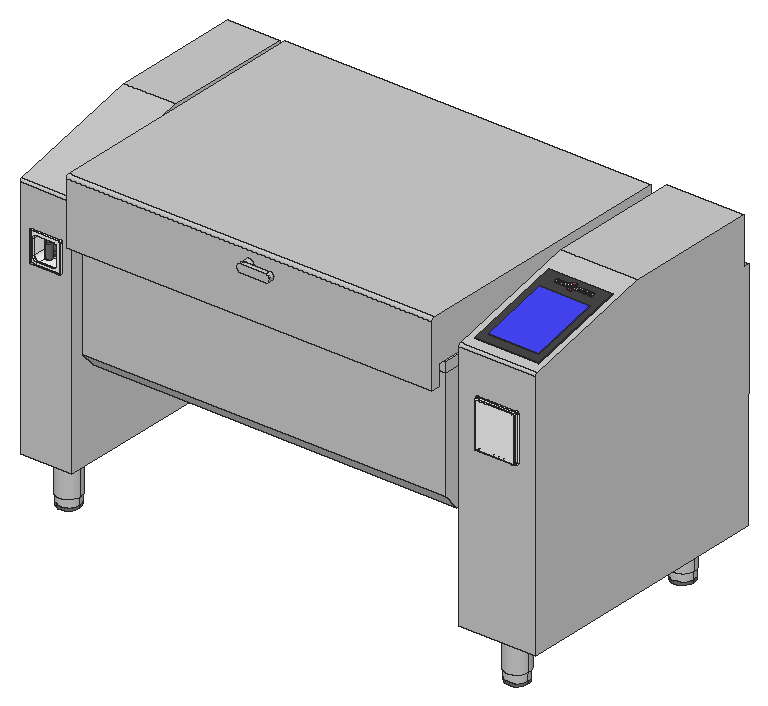
Revit family "QF_WELBILT-CONVOTHERM_FLEXX_PRO_151_P_260211053059", category Specialty Equipment, Revit 2021
Family settings
  Round Connector Dimension = Use Diameter
  Part Type = Normal
  OmniClass Number = 23.40.40.14
  OmniClass Title = Food Service Equipment
  Work Plane-Based = No
  Always vertical = Yes
  Cut with Voids When Loaded = No
  Shared = No
  Room Calculation Point = No
Parameters (values of type "JI-MKH-010")
  Weight [instance] = 590.00 kg
  Waste Water Discharge Temperature [instance] = 0 °C
  Waste Remarks [instance] = ""
  Warranty Start Date [instance] = ""
  Warranty Duration [instance] = ""
  Volts [instance] = 400 V
  Volt Free Conn [instance] = no
  URL Recommended Spares List [instance] = ""
  URL Manufacturer [instance] = ""
  URL Cutsheet [instance] = ""
  URL Critical Spares List [instance] = ""
  URL = "www.convotherm.com"
  Technical Documentation [instance] = ""
  Tag Number [instance] = ""
  Status [instance] = ""
  Start Up Current [instance] = 0 A
  Specification by User [instance] = ""
  Specification by Manufacturer [instance] = ""
  Sound Level [instance] = ""
  Show Logo [instance] = yes
  Show Clearances [instance] = yes
  Service Life Duration [instance] = ""
  Serial Number [instance] = ""
  Seismic Rating [instance] = ""
  SMACNA No [instance] = ""
  Revision Code [instance] = ""
  Revision [instance] = ""
  Production Year [instance] = ""
  Potential Equalisation [instance] = no
  Point Load [instance] = 0
  Plumbing Remarks [instance] = ""
  Plumbing Connection Type [instance] = ""
  Phase [instance] = 3
  Other Equipment Approvals [instance] = ""
  Operational Current [instance] = 0 A
  Odor Trap Included [instance] = no
  Number of Poles [instance] = 3
  No Load Power Draw [instance] = no
  National Water Regulation Certification [instance] = no
  NAFEM Spec ID Number [instance] = ""
  Model Warning [instance] = ""
  Model = "FLEXX PRO 151 P"
  Min Ckt Ampacity [instance] = 0 A
  Max Overcurrent Protection [instance] = 50 A
  Masterspec [instance] = ""
  Manufacturer = "WELBILT-CONVOTHERM"
  Main switch integrated [instance] = no
  Length Actual [instance] = 1651 mm
  Item Number [instance] = ""
  Installed By [instance] = ""
  Installation Date [instance] = ""
  Indirect Waste Size [instance] = 50.8 mm
  Indirect Waste Remarks [instance] = ""
  Indirect Waste Flow [instance] = 0.0 L/s
  Indirect Waste Connection Type [instance] = ""
  Indirect Waste Connection Height [instance] = 0 mm
  Identify Quantity as Lot [instance] = no
  ID [instance] = ""
  Hygiene Approval [instance] = ""
  Height Actual [instance] = 1050 mm
  HP power [instance] = ""
  Furnished By [instance] = ""
  Foodservice Equipment Identifier [instance] = no
  FL Amps [instance] = 48 A
  Electrical Remarks [instance] = "Plug not included"
  Electric power [instance] = 36900 W
  Electric Connection Type [instance] = "Cord&Plug"
  Elec Conn RI Height [instance] = 0 mm
  Elec Conn Connection Height [instance] = 0 mm
  ETL Approved [instance] = no
  Direct Waste Water Discharge Temperature [instance] = -273.15 °C
  Direct Waste Size [instance] = 50.8 mm
  Direct Waste RI Height [instance] = 0 mm
  Direct Waste Flow [instance] = 0.0 L/s
  Direct Waste Connection Height [instance] = 0 mm
  Description = "MULTIFUNCTION COOKING DEVICE 3XGN 1/1 150LT WITH PRESSURE COOKING"
  Depth Actual [instance] = 950 mm
  Default Elevation = 0 mm
  Cycle [instance] = 50 Hz
  Cost = 0
  Connection to energy optimisation system [instance] = yes
  Conn Plug [instance] = ""
  Conn Conduit [instance] = no
  Cold Water Temperature Recommended [instance] = 0 °C
  Cold Water Size [instance] = 19.05 mm
  Cold Water Remarks [instance] = ""
  Cold Water RI Height [instance] = 0 mm
  Cold Water Quality [instance] = ""
  Cold Water Minimum Pressure [instance] = 200000.0 Pa
  Cold Water Maximum Pressure [instance] = 600000.0 Pa
  Cold Water Flow [instance] = 0.0 L/s
  Cold Water Connection Type [instance] = ""
  Cold Water Connection Height [instance] = 0 mm
  Centralized building control system with digital interface [instance] = ""
  CSI MasterFormat [instance] = ""
  CE Approved [instance] = no
  Barcode [instance] = 0
  Author [instance] = ""
  Asset Identifier [instance] = ""
  Apparent Power [instance] = 36900 VA
  Accessory [instance] = no
Reference planes
  plane 1 "Center (Front/Back)": y = 0
  plane 2: z = 0
  plane 3 "Center (Left/Right)": x = 0
Forms (mm)
  Extrusion 1, solid, not visible
    sketch origin (1551.076, -100.005, 252.012) x (1, 0, 0) y (0, 1, 0)
      loop
        line (-2, 2) -> (-2, -2) -> (2, -2) -> (2, 2) -> (-2, 2)
    from -2 to 2
  Extrusion 2, solid, not visible
    sketch origin (1023.05, -500.024, 460.022) x (1, 0, 0) y (0, 1, 0)
      loop
        line (-2, 2) -> (-2, -2) -> (2, -2) -> (2, 2) -> (-2, 2)
    from -2 to 2
  Extrusion 3, solid, not visible
    sketch origin (160.008, -100.005, 170.008) x (1, 0, 0) y (0, 1, 0)
      loop
        line (-2, 2) -> (-2, -2) -> (2, -2) -> (2, 2) -> (-2, 2)
    from -2 to 2
Dimensions and locks
  locked: nested 2 to Extrusion 1 at 2  (x2)
  locked: nested 3 to Extrusion 2 at 2  (x2)
  locked: nested 4 to Extrusion 3 at 2
  locked: nested 4 to Extrusion 3
  aligned and locked: level to plane 2
Nested families
  nested 1: "QF_WELBILT-CONVOTHERM_JI-MKH-010_2920" at (0, 0, 150), type "JI-MKH-010"
    with Weight 590.00 kg, Warranty Start Date "", Warranty Duration "", URL Cutsheet "", Technical Documentation "", Tag Number "", Status "", Specification by User "", Specification by Manufacturer "", Sound Level "", Solid Fuel Type "", Show Logo yes, Show Clearances yes, Service Life Duration "", Serial Number "", Seismic Rating "", SMACNA No "", Revision Code "", Revision "", Production Year "", Point Load 0, Other Equipment Approvals "", NAFEM Spec ID Number "", Model Warning "", Masterspec "", Length Actual 1651 mm, Item Number "", Installed By "", Installation Date "", Identify Quantity as Lot yes, ID "", Hygiene Approval "", Height Actual 1050 mm, Furnished By "", Foodservice Equipment Identifier yes, ETL Approved yes, Depth Actual 950 mm, CSI MasterFormat "", CE Approved yes, Barcode "", Asset Identifier "", Accessory no
  nested 2: "CONN_POINT_COLDWATER_2D___Generic_Annotation" at (1551.076, -100.005, 250.012), type "CONN_POINT_COLDWATER_2D___Generic_Annotation"
    with Onboard connection annotation symbol visibility yes
  nested 3: "CONN_POINT_DRAIN_2D___Generic_Annotation" at (1023.05, -500.024, 458.022), type "CONN_POINT_DRAIN_2D___Generic_Annotation"
    with Onboard connection annotation symbol visibility yes
  nested 4: "CONN_POINT_ELE_2D___Generic_Annotation" at (162.008, -100.005, 170.008), type "CONN_POINT_ELE_2D___Generic_Annotation"
    with Onboard connection annotation symbol visibility yes
  nested 5: "QF_WELBILT-CONVOTHERM_FLEXX-PRO-FEETS" at (0, 0, 0), type "K6257504"
    with Weight 0.00 kg, Warranty Start Date "", Warranty Duration "", URL Cutsheet "", Technical Documentation "", Tag Number "", Status "", Specification by User "", Specification by Manufacturer "", Sound Level "", Solid Fuel Type "", Show Logo yes, Show Clearances yes, Service Life Duration "", Serial Number "", Seismic Rating "", SMACNA No "", Revision Code "", Revision "", Production Year "", Point Load 0, Other Equipment Approvals "", NAFEM Spec ID Number "", Model Warning "", Masterspec "", Length Actual 1651 mm, Item Number "", Installed By "", Installation Date "", Identify Quantity as Lot yes, ID "", Hygiene Approval "", Height Actual 150 mm, Furnished By "", Foodservice Equipment Identifier yes, ETL Approved yes, Depth Actual 850 mm, CSI MasterFormat "", CE Approved yes, Barcode "", Asset Identifier "", Accessory yes
Connectors
  piping at (1551.076, -100.005, 250.012), diameter 19.05, driven by "Cold Water Size", driven by "Cold Water Flow"
    settings: on Extrusion 1, index 1, connector inside diameter 609.6 mm, connector length 0 mm, flow factor 0, pipe flow 0.0 L/s, pressure drop 0.0 Pa, fitting loss kfactor 0, connector angle 0.00°, fixture units 0, engagement length 0 mm, angle of deflection 0.00°, flow configuration 1, flow direction 1, fitting loss method 0, system type 20, joint type 0, gender type 0, connector reference index -1, connector utility 0, adjustable connector no, is connector primary yes, connector description "Cold Water connection for FLEXX PRO 151 P"
  piping at (1023.05, -500.024, 458.022), diameter 50.8, driven by "Indirect Waste Size", driven by "Direct Waste Flow"
    settings: on Extrusion 2, index 2, connector inside diameter 609.6 mm, connector length 0 mm, flow factor 0, pipe flow 0.0 L/s, pressure drop 0.0 Pa, fitting loss kfactor 0, connector angle 0.00°, fixture units 0, engagement length 0 mm, angle of deflection 0.00°, flow configuration 1, flow direction 2, fitting loss method 0, system type 16, joint type 0, gender type 0, connector reference index -1, connector utility 0, adjustable connector no, is connector primary no, connector description "Waste connection for FLEXX PRO 151 P"
  electrical at (162.008, -100.005, 170.008), driven by "Apparent Power", driven by "Number of Poles", driven by "Volts"
    settings: on Extrusion 3, index 3, voltage 400 V, apparent load 0 VA, apparent load phase1 36900 VA, apparent load phase2 0 VA, apparent load phase3 0 VA, power factor 1, load classification "Other", number of poles 3, system type 31, power factor state 1, is connector primary yes, connector utility no, sub classification motor no, connector description "Electrical connection for FLEXX PRO 151 P"
Definition of nested family "QF_WELBILT-CONVOTHERM_JI-MKH-010_2920"
  Parameters (values of type "JI-MKH-010")
    Weight [instance] = 0.00 kg
    Warranty Start Date [instance] = ""
    Warranty Duration [instance] = ""
    URL Cutsheet [instance] = ""
    URL = "www.convotherm.com"
    Technical Documentation [instance] = ""
    Tag Number [instance] = ""
    Status [instance] = ""
    Specification by User [instance] = ""
    Specification by Manufacturer [instance] = ""
    Sound Level [instance] = ""
    Solid Fuel Type [instance] = ""
    Show Logo [instance] = yes
    Show Clearances [instance] = yes
    Service Life Duration [instance] = ""
    Serial Number [instance] = ""
    Seismic Rating [instance] = ""
    SMACNA No [instance] = ""
    Revision Code [instance] = ""
    Revision [instance] = ""
    Production Year [instance] = ""
    Point Load [instance] = 0
    Other Equipment Approvals [instance] = ""
    NAFEM Spec ID Number [instance] = ""
    Model Warning [instance] = ""
    Model = "FLEXX PRO 151 P"
    Masterspec [instance] = ""
    Manufacturer = "WELBILT-CONVOTHERM"
    Length Actual [instance] = 0 mm
    Item Number [instance] = ""
    Installed By [instance] = ""
    Installation Date [instance] = ""
    Identify Quantity as Lot [instance] = yes
    ID [instance] = ""
    Hygiene Approval [instance] = ""
    Height Actual [instance] = 0 mm
    Furnished By [instance] = ""
    Foodservice Equipment Identifier [instance] = yes
    ETL Approved [instance] = yes
    Description = "MULTIFUNCTION COOKING DEVICE 3XGN 1/1 150LT WITH PRESSURE COOKING"
    Depth Actual [instance] = 0 mm
    Default Elevation = 0 mm
    CSI MasterFormat [instance] = ""
    CE Approved [instance] = yes
    Barcode [instance] = ""
    Author = "SPECIFI"
    Asset Identifier [instance] = ""
    Assembly Code = "E1090320"
    Accessory [instance] = yes
  Reference planes
    plane 1 "Back": y = 0
    plane 2: z = 0
    plane 3 "Left": x = 0
    plane 4 "Right": x = 1651
    plane 5 "Front": y = -850
    plane 6 "Top": z = 900
  Forms (mm)
    Extrusion 1, solid
      sketch origin (0, 0, -150) x (0, 1, 0) y (0, 0, 1)
        loop
          line (0, 150) -> (0, 902) -> (-20, 902) -> (-20, 1030) -> (-435, 1030) -> (-842.983, 937.833)
          arc (-842.983, 937.833) -> (-848.03, 934.673) -> (-850, 929.054) r 9
          line (-850, 929.054) -> (-850, 150) -> (0, 150)
      from 0 to 166
    Extrusion 2, solid
      sketch origin (1651, 10, -150) x (0, -1, 0) y (0, 0, 1)
        loop
          line (10, 150) -> (860, 150) -> (860, 950.639)
          arc (860, 950.639) -> (858.03, 956.258) -> (852.983, 959.418) r 9
          line (852.983, 959.418) -> (452.017, 1050) -> (30, 1050) -> (30, 902) -> (10, 902) -> (10, 150)
      from 0 to 246
    Extrusion 3, solid
      sketch origin (0, 0, -150) x (0, 1, 0) y (0, 0, 1)
        loop
          line (-131.5, 458.3) -> (-131.5, 868.5) -> (-855.5, 868.5) -> (-855.5, 508.65) -> (-810.5, 458.3) -> (-131.5, 458.3)
      from 204 to 1367
    Extrusion 4, solid
      sketch origin (0, 0, -150) x (0, 1, 0) y (0, 0, 1)
        loop
          line (-859, 898.5) -> (-859, 868.5) -> (-128, 868.5) -> (-128, 898.5) -> (-859, 898.5)
      from 200 to 1371
    Extrusion 5, solid
      sketch origin (0, 0, -149) x (0, 1, 0) y (0, 0, 1)
        loop
          circle (-755, 536) r 30
      from 170 to 200
    Extrusion 6, solid
      sketch origin (0, 0, -149) x (0, 1, 0) y (0, 0, 1)
        loop
          circle (-755, 536) r 40
      from 166 to 170
    Extrusion 7, solid
      sketch origin (0, 0, -149) x (0, 1, 0) y (0, 0, 1)
        loop
          circle (-755, 536) r 40
      from 200 to 204
    Extrusion 8, solid
      sketch origin (1572, 0, -149) x (0, 1, 0) y (0, 0, -1)
        loop
          circle (-755, -536) r 30
      from 171 to 201
    Extrusion 9, solid
      sketch origin (1571, 0, -149) x (0, 1, 0) y (0, 0, -1)
        loop
          circle (-755, -536) r 40
      from 166 to 170
    Extrusion 10, solid
      sketch origin (0, -0.3, -150) x (0, 1, 0) y (0, 0, 1)
        loop
          line (-39.7, 919.03) -> (-39.7, 1048) -> (-905.7, 1048)
          arc (-905.7, 1048) -> (-912.064, 1045.364) -> (-914.7, 1039) r 9
          line (-914.7, 1039) -> (-914.7, 841) -> (-887.7, 841) -> (-887.7, 906) -> (-69.769, 906) -> (-39.7, 919.03)
      from 200 to 1371
    Extrusion 11, solid
      sketch origin (0, -16, -125) x (0, 1, 0) y (0, 0, 1)
        loop
          circle (-85, 946) r 25
      from 166 to 200
    Extrusion 12, solid
      sketch origin (1571, -16, -125) x (0, 1, 0) y (0, 0, -1)
        loop
          circle (-85, -946) r 25
      from 166 to 200
    Extrusion 13, solid
      sketch origin (179, 0, -150) x (1, 0, 0) y (0, 1, 0)
        loop
          arc (456.7, -869) -> (458.164, -872.536) -> (461.7, -874) r 5
          line (461.7, -874) -> (751.7, -874)
          arc (751.7, -874) -> (755.236, -872.536) -> (756.7, -869) r 5
          line (756.7, -869) -> (756.7, -859) -> (456.7, -859) -> (456.7, -869)
      from 892.5 to 895.5
    Extrusion 14, solid
      sketch origin (0, 0, -150) x (0, 1, 0) y (0, 0, 1)
        loop
          line (-232, 150) -> (0, 150) -> (0, 902) -> (-33, 902) -> (-46.715, 831.44) -> (-101, 792) -> (-101, 462) -> (-232, 423.097) -> (-232, 150)
      from 166 to 1405
    Sweep 15, solid
      path origin (358, -850, -150) x (-1, 0, 0) y (0, 0, 1)
        loop
          line (-1108.5, 825.639) -> (-1231.5, 825.639)
          arc (-1231.5, 825.639) -> (-1231.854, 825.492) -> (-1232, 825.139) r 0.5
          line (-1232, 825.139) -> (-1232, 684.139)
          arc (-1232, 684.139) -> (-1231.854, 683.785) -> (-1231.5, 683.639) r 0.5
          line (-1231.5, 683.639) -> (-1108.5, 683.639)
          arc (-1108.5, 683.639) -> (-1108.146, 683.785) -> (-1108, 684.139) r 0.5
          line (-1108, 684.139) -> (-1108, 825.139)
          arc (-1108, 825.139) -> (-1108.146, 825.492) -> (-1108.5, 825.639) r 0.5
      profile origin (1528, -850, 675.639) x (0, 0, -1) y (0, 1, 0)
        loop
          line (0, -13) -> (0, 0) -> (-6, 0)
          arc (-6, 0) -> (-3.879, -0.879) -> (-3, -3) r 3
          line (-3, -3) -> (-3, -10)
          arc (-3, -10) -> (-2.121, -12.121) -> (0, -13) r 3
    Extrusion 16, solid
      sketch origin (358, -850, -150) x (-1, 0, 0) y (0, 0, 1)
        loop
          arc (-1231.5, 825.639) -> (-1231.854, 825.492) -> (-1232, 825.139) r 0.5
          line (-1232, 825.139) -> (-1232, 684.139)
          arc (-1232, 684.139) -> (-1231.854, 683.785) -> (-1231.5, 683.639) r 0.5
          line (-1231.5, 683.639) -> (-1108.5, 683.639)
          arc (-1108.5, 683.639) -> (-1108.146, 683.785) -> (-1108, 684.139) r 0.5
          line (-1108, 684.139) -> (-1108, 825.139)
          arc (-1108, 825.139) -> (-1108.146, 825.492) -> (-1108.5, 825.639) r 0.5
          line (-1108.5, 825.639) -> (-1231.5, 825.639)
      from 0 to -13
    Extrusion 17, solid, visible <- "Show Clearances", detail levels coarse
      sketch origin (0, 0, -93) x (0, 1, 0) y (0, 0, 1)
        loop
          line (-40, 991) -> (-40, 1728)
          arc (-40, 1728) -> (-609.668, 1516.416) -> (-915, 991) r 900
          line (-915, 991) -> (-40, 991)
      from 200 to 1371
    Sweep 18, solid
      path origin (0, -850, -120) x (-1, 0, 0) y (0, 0, 1)
        loop
          arc (-129.2, 776.554) -> (-129.554, 776.407) -> (-129.7, 776.054) r 0.5
          line (-129.7, 776.054) -> (-129.7, 684.054)
          arc (-129.7, 684.054) -> (-129.554, 683.7) -> (-129.2, 683.554) r 0.5
          line (-129.2, 683.554) -> (-37.2, 683.554)
          arc (-37.2, 683.554) -> (-36.846, 683.7) -> (-36.7, 684.054) r 0.5
          line (-36.7, 684.054) -> (-36.7, 776.054)
          arc (-36.7, 776.054) -> (-36.846, 776.407) -> (-37.2, 776.554) r 0.5
          line (-37.2, 776.554) -> (-129.2, 776.554)
      profile origin (83.2, -850, 656.554) x (0, 0, 1) y (0, 1, 0)
        loop
          line (0, 0) -> (0, -5)
          arc (0, -5) -> (2.121, -4.121) -> (3, -2) r 3
          line (3, -2) -> (3, 0) -> (0, 0)
    Extrusion 19, solid
      sketch origin (0, -850, -120) x (-1, 0, 0) y (0, 0, 1)
        loop
          arc (-107.7, 769.21) -> (-118.064, 764.918) -> (-122.357, 754.554) r 14.657
          line (-122.357, 754.554) -> (-122.357, 705.554)
          arc (-122.357, 705.554) -> (-118.064, 695.19) -> (-107.7, 690.897) r 14.657
          line (-107.7, 690.897) -> (-58.7, 690.897)
          arc (-58.7, 690.897) -> (-48.336, 695.19) -> (-44.043, 705.554) r 14.657
          line (-44.043, 705.554) -> (-44.043, 754.554)
          arc (-44.043, 754.554) -> (-48.336, 764.918) -> (-58.7, 769.21) r 14.657
          line (-58.7, 769.21) -> (-107.7, 769.21)
        loop
          line (-37.2, 776.554) -> (-129.2, 776.554)
          arc (-129.2, 776.554) -> (-129.554, 776.407) -> (-129.7, 776.054) r 0.5
          line (-129.7, 776.054) -> (-129.7, 684.054)
          arc (-129.7, 684.054) -> (-129.554, 683.7) -> (-129.2, 683.554) r 0.5
          line (-129.2, 683.554) -> (-37.2, 683.554)
          arc (-37.2, 683.554) -> (-36.846, 683.7) -> (-36.7, 684.054) r 0.5
          line (-36.7, 684.054) -> (-36.7, 776.054)
          arc (-36.7, 776.054) -> (-36.846, 776.407) -> (-37.2, 776.554) r 0.5
      from 0 to -5
    Extrusion 20, solid
      sketch origin (0, -850, -120) x (-1, 0, 0) y (0, 0, 1)
        loop
          line (-58.7, 772.185) -> (-107.7, 772.185)
          arc (-107.7, 772.185) -> (-120.167, 767.021) -> (-125.331, 754.554) r 17.631
          line (-125.331, 754.554) -> (-125.331, 705.554)
          arc (-125.331, 705.554) -> (-120.167, 693.087) -> (-107.7, 687.923) r 17.631
          line (-107.7, 687.923) -> (-58.7, 687.923)
          arc (-58.7, 687.923) -> (-46.233, 693.087) -> (-41.069, 705.554) r 17.631
          line (-41.069, 705.554) -> (-41.069, 754.554)
          arc (-41.069, 754.554) -> (-46.233, 767.021) -> (-58.7, 772.185) r 17.631
        loop
          arc (-107.7, 769.21) -> (-118.064, 764.918) -> (-122.357, 754.554) r 14.657
          line (-122.357, 754.554) -> (-122.357, 705.554)
          arc (-122.357, 705.554) -> (-118.064, 695.19) -> (-107.7, 690.897) r 14.657
          line (-107.7, 690.897) -> (-58.7, 690.897)
          arc (-58.7, 690.897) -> (-48.336, 695.19) -> (-44.043, 705.554) r 14.657
          line (-44.043, 705.554) -> (-44.043, 754.554)
          arc (-44.043, 754.554) -> (-48.336, 764.918) -> (-58.7, 769.21) r 14.657
          line (-58.7, 769.21) -> (-107.7, 769.21)
      from 0 to 43
    Extrusion 21, void
      sketch origin (0, -850, -120) x (-1, 0, 0) y (0, 0, 1)
        loop
          line (-58.7, 772.185) -> (-107.7, 772.185)
          arc (-107.7, 772.185) -> (-120.167, 767.021) -> (-125.331, 754.554) r 17.631
          line (-125.331, 754.554) -> (-125.331, 705.554)
          arc (-125.331, 705.554) -> (-120.167, 693.087) -> (-107.7, 687.923) r 17.631
          line (-107.7, 687.923) -> (-58.7, 687.923)
          arc (-58.7, 687.923) -> (-46.233, 693.087) -> (-41.069, 705.554) r 17.631
          line (-41.069, 705.554) -> (-41.069, 754.554)
          arc (-41.069, 754.554) -> (-46.233, 767.021) -> (-58.7, 772.185) r 17.631
      from -5 to 43
    Extrusion 22, solid
      sketch origin (0, -850, -120) x (-1, 0, 0) y (0, 0, 1)
        loop
          arc (-107.7, 769.21) -> (-118.064, 764.918) -> (-122.357, 754.554) r 14.657
          line (-122.357, 754.554) -> (-122.357, 705.554)
          arc (-122.357, 705.554) -> (-118.064, 695.19) -> (-107.7, 690.897) r 14.657
          line (-107.7, 690.897) -> (-58.7, 690.897)
          arc (-58.7, 690.897) -> (-48.336, 695.19) -> (-44.043, 705.554) r 14.657
          line (-44.043, 705.554) -> (-44.043, 754.554)
          arc (-44.043, 754.554) -> (-48.336, 764.918) -> (-58.7, 769.21) r 14.657
          line (-58.7, 769.21) -> (-107.7, 769.21)
      from 40 to 43
    Revolve 23, solid
      sketch origin (83.2, 0, -120) x (0, 1, 0) y (0, 0, 1)
        loop
          line (-840, 753.054) -> (-847.5, 753.054) -> (-847.5, 750.054) -> (-851, 750.054) -> (-851, 708.054) -> (-848, 705.054) -> (-840, 705.054) -> (-840, 753.054)
        axis (-840, 753.054) -> (-840, 705.054)
      angle from 0 to 360
    Revolve 24, solid
      sketch origin (83.2, 0, -120) x (0, 1, 0) y (0, 0, 1)
        loop
          line (-810, 730.054) -> (-810, 757.554) -> (-812, 757.554) -> (-820.172, 754.085)
          arc (-820.172, 754.085) -> (-821.502, 752.979) -> (-822, 751.323) r 3
          line (-822, 751.323) -> (-822, 741.054) -> (-840, 741.054) -> (-840, 730.054) -> (-810, 730.054)
        axis (-810, 730.054) -> (-840, 730.054)
      angle from 0 to 360
    Extrusion 25, solid
      sketch origin (358, 1914.493, 1343.992) x (0, 0.975419, 0.220357) y (-1, 0, 0)
        loop
          line (-2472.158, -1067.5) -> (-2776.158, -1067.5) -> (-2776.158, -1272.5) -> (-2472.158, -1272.5) -> (-2472.158, -1067.5)
      from 85 to 87
    Extrusion 26, solid
      sketch origin (358, 1914.493, 1343.992) x (0, 0.975419, 0.220357) y (-1, 0, 0)
        loop
          line (-2537.158, -1090.5) -> (-2748.158, -1090.5) -> (-2748.158, -1249.5) -> (-2537.158, -1249.5) -> (-2537.158, -1090.5)
      from 85 to 88
    Extrusion 27, solid
      sketch origin (1571, 0, -149) x (0, 1, 0) y (0, 0, -1)
        loop
          circle (-755, -536) r 40
      from 200 to 204
    Extrusion 28, solid
      sketch origin (179, -850, -150) x (-1, 0, 0) y (0, 0, 1)
        loop
          arc (-686.7, 1014.8) -> (-699.2, 1002.3) -> (-686.7, 989.8) r 12.5
          line (-686.7, 989.8) -> (-606.7, 989.8)
          arc (-606.7, 989.8) -> (-594.2, 1002.3) -> (-606.7, 1014.8) r 12.5
          line (-606.7, 1014.8) -> (-686.7, 1014.8)
      from -85.034 to -100
    Extrusion 29, solid
      sketch origin (179, -850, -150) x (-1, 0, 0) y (0, 0, 1)
        loop
          circle (-606.7, 1002.3) r 12.5
      from -65 to -85.034
    Extrusion 30, solid, visible <- "Show Clearances", detail levels coarse
      sketch origin (0, -218.5, 1142) x (0, 0, 1) y (0, -1, 0)
        loop
          line (-131.5, 458.3) -> (-131.5, 868.5) -> (-855.5, 868.5) -> (-855.5, 508.65) -> (-810.5, 458.3) -> (-131.5, 458.3)
      from 204 to 1367
    Extrusion 31, solid, visible <- "Show Clearances", detail levels coarse
      sketch origin (0, -218.5, 1142) x (0, 0, 1) y (0, -1, 0)
        loop
          line (-859, 898.5) -> (-859, 868.5) -> (-128, 868.5) -> (-128, 898.5) -> (-859, 898.5)
      from 200 to 1371
    Extrusion 32, solid, visible <- "Show Logo"
      sketch origin (1035.704, -854.573, 193.005) x (1, 0, 0) y (0, 0.975419, 0.220357)
        loop
          line (493.556, 462.654) -> (493.556, 469.472)
          arc (493.556, 469.472) -> (472.307, 455.836) -> (493.556, 442.199) r 15
          line (493.556, 442.199) -> (493.556, 449.017)
          arc (493.556, 449.017) -> (480.852, 455.836) -> (493.556, 462.654) r 8.182
      from 598 to 600
    Extrusion 33, solid, visible <- "Show Logo"
      sketch origin (988.83, -854.463, 192.517) x (1, 0, 0) y (0, 0.975419, 0.220357)
        loop
          line (486.789, 458.563) -> (486.789, 461.29)
          arc (486.789, 461.29) -> (478.289, 455.836) -> (486.789, 450.381) r 6
          line (486.789, 450.381) -> (486.789, 453.108)
          arc (486.789, 453.108) -> (481.707, 455.836) -> (486.789, 458.563) r 3.273
        loop
          circle (495.124, 455.836) r 6
        loop
          circle (495.124, 455.836) r 3.266
        loop
          line (503.766, 449.836) -> (506.45, 449.836) -> (506.45, 457.877) -> (510.841, 449.836) -> (515.031, 449.836) -> (515.031, 461.836) -> (512.331, 461.836) -> (512.331, 452.741) -> (507.365, 461.836) -> (503.766, 461.836) -> (503.766, 449.836)
        loop
          line (516.563, 461.836) -> (520.462, 449.836) -> (524.172, 449.836) -> (528.071, 461.836) -> (524.719, 461.836) -> (522.317, 453.459) -> (519.915, 461.836) -> (516.563, 461.836)
        loop
          circle (535.182, 455.836) r 6
        loop
          circle (535.182, 455.836) r 3.266
        loop
          line (575.346, 461.836) -> (575.346, 449.836) -> (578.16, 449.836) -> (578.16, 454.169) -> (579.27, 454.169) -> (581.772, 449.836) -> (585.216, 449.836) -> (581.898, 454.755)
          arc (581.898, 454.755) -> (582.887, 455.385) -> (583.517, 456.374) r 2.709
          arc (583.517, 456.374) -> (583.803, 457.995) -> (583.517, 459.615) r 4.738
          arc (583.517, 459.615) -> (582.282, 461.225) -> (580.346, 461.836) r 3.374
          line (580.346, 461.836) -> (575.346, 461.836)
        loop
          line (578.16, 456.542) -> (579.584, 456.542)
          arc (579.584, 456.542) -> (581.041, 457.999) -> (579.584, 459.457) r 1.457
          line (579.584, 459.457) -> (578.16, 459.457) -> (578.16, 456.542)
        loop
          line (542.187, 461.836) -> (542.187, 459.168) -> (545.068, 459.168) -> (545.068, 449.836) -> (548.304, 449.836) -> (548.304, 459.168) -> (551.185, 459.168) -> (551.185, 461.836) -> (542.187, 461.836)
        loop
          line (553.224, 461.836) -> (553.224, 449.836) -> (556.106, 449.836) -> (556.106, 454.836) -> (559.986, 454.836) -> (559.986, 449.836) -> (562.867, 449.836) -> (562.867, 461.836) -> (559.986, 461.836) -> (559.986, 457.148) -> (556.106, 457.148) -> (556.106, 461.836) -> (553.224, 461.836)
        loop
          line (565.879, 461.836) -> (565.879, 449.836) -> (572.903, 449.836) -> (572.903, 452.163) -> (568.881, 452.163) -> (568.881, 454.612) -> (572.641, 454.612) -> (572.641, 457.059) -> (568.881, 457.059) -> (568.881, 459.508) -> (572.903, 459.508) -> (572.903, 461.836) -> (565.879, 461.836)
        loop
          line (586.65, 461.836) -> (586.65, 449.836) -> (589.336, 449.836) -> (589.336, 458.187) -> (591.769, 449.836) -> (594.811, 449.836) -> (597.244, 458.187) -> (597.244, 449.836) -> (599.93, 449.836) -> (599.93, 461.836) -> (595.875, 461.836) -> (593.29, 452.962) -> (590.705, 461.836) -> (586.65, 461.836)
      from 599 to 601
  Cuts and joins
    Extrusion 21 cuts Extrusion 1
    joined: Extrusion 1, Extrusion 2, Extrusion 14
  Lines and regions (mm)
    symbolic lines
      curve 1: line (0, 0, 0) -> (0, -850, 0)
      curve 2: line (0, -850, 0) -> (166, -850, 0)
      curve 3: line (166, -850, 0) -> (166, 0, 0)
      curve 4: line (200, -40, 0) -> (1371, -40, 0)
      curve 5: line (200, -915, 0) -> (200, -40, 0)
      curve 6: line (1371, -915, 0) -> (200, -915, 0)
      curve 7: line (1371, -40, 0) -> (1371, -915, 0)
      curve 8: line (1405, -850, 0) -> (1405, 0, 0)
      curve 9: line (1651, -850, 0) -> (1651, 0, 0)
      curve 10: line (0, 0, 0) -> (1651, 0, 0)
      curve 11: line (166, -33, 0) -> (1405, -33, 0)
      curve 12: line (166, -715, 0) -> (170, -715, 0)
      curve 13: line (170, -715, 0) -> (170, -795, 0)
      curve 14: line (170, -795, 0) -> (166, -795, 0)
      curve 15: line (170, -725, 0) -> (200, -725, 0)
      curve 16: line (170, -785, 0) -> (200, -785, 0)
      curve 17: line (166, -126, 0) -> (200, -126, 0)
      curve 18: line (166, -76, 0) -> (200, -76, 0)
      curve 19: line (1405, -715, 0) -> (1401, -715, 0)
      curve 20: line (1401, -715, 0) -> (1401, -795, 0)
      curve 21: line (1401, -795, 0) -> (1405, -795, 0)
      curve 22: line (1401, -725, 0) -> (1371, -725, 0)
      curve 23: line (1401, -785, 0) -> (1371, -785, 0)
      curve 24: line (1405, -126, 0) -> (1371, -126, 0)
      curve 25: line (1405, -76, 0) -> (1371, -76, 0)
      curve 26: line (1405, -850, 0) -> (1651, -850, 0)
      curve 27: line (0, -435, 0) -> (166, -435, 0)
      curve 28: line (1405, -442.017, 0) -> (1651, -442.017, 0)
      curve 29: line (1405, -20, 0) -> (1651, -20, 0)
      curve 30: line (0, -20, 0) -> (166, -20, 0)
      curve 31: line (1425.5, -515.628, 0) -> (1630.5, -515.628, 0)
      curve 32: line (1425.5, -812.596, 0) -> (1425.5, -515.628, 0)
      curve 33: line (1630.5, -812.596, 0) -> (1425.5, -812.596, 0)
      curve 34: line (1630.5, -515.628, 0) -> (1630.5, -812.596, 0)
      curve 35: line (1448.5, -579.691, 0) -> (1607.5, -579.691, 0)
      curve 36: line (1448.5, -785.505, 0) -> (1448.5, -579.691, 0)
      curve 37: line (1607.5, -785.505, 0) -> (1448.5, -785.505, 0)
      curve 38: line (1607.5, -579.691, 0) -> (1607.5, -785.505, 0)
      curve 39: line (36.7, -855, 0) -> (129.7, -855, 0)
      curve 40: line (132.7, -850, 0) -> (132.7, -852, 0)
      curve 41: line (33.7, -850, 0) -> (33.7, -852, 0)
      curve 42: arc (33.7, -852, 0) -> (34.579, -854.121, 0) -> (36.7, -855, 0) r 3
      curve 43: arc (129.7, -855, 0) -> (131.821, -854.121, 0) -> (132.7, -852, 0) r 3
      curve 44: line (1466, -863, 0) -> (1590, -863, 0)
      curve 45: line (1463, -850, 0) -> (1463, -860, 0)
      curve 46: arc (1463, -860, 0) -> (1463.879, -862.121, 0) -> (1466, -863, 0) r 3
      curve 47: line (1593, -850, 0) -> (1593, -860, 0)
      curve 48: arc (1593, -860, 0) -> (1592.121, -862.121, 0) -> (1590, -863, 0) r 3
      curve 49: line (878.2, -935.034, 0) -> (773.2, -935.034, 0)
      curve 50: line (878.2, -935.034, 0) -> (878.2, -950, 0)
      curve 51: line (878.2, -950, 0) -> (773.2, -950, 0)
      curve 52: line (773.2, -950, 0) -> (773.2, -915, 0)
      curve 53: line (798.2, -915, 0) -> (798.2, -935.034, 0)
    symbolic lines, visible <- "Show Clearances"
      curve 54: line (200, -915, 0) -> (200, -1117, 0)
      curve 55: line (200, -1117, 0) -> (1371, -1117, 0)
      curve 56: line (1371, -1117, 0) -> (1371, -915, 0)
  Dimensions and locks
    plane 3 "Left" to plane 4 "Right" = 1651 mm
    plane 5 "Front" to plane 1 "Back" = 850 mm
    aligned and locked: level to plane 2
Definition of nested family "QF_WELBILT-CONVOTHERM_FLEXX-PRO-FEETS"
  Parameters (values of type "K6257507")
    Weight [instance] = 0.00 kg
    Warranty Start Date [instance] = ""
    Warranty Duration [instance] = ""
    URL Cutsheet [instance] = ""
    URL = "www.convotherm.com"
    Technical Documentation [instance] = ""
    Tag Number [instance] = ""
    Status [instance] = ""
    Specification by User [instance] = ""
    Specification by Manufacturer [instance] = ""
    Sound Level [instance] = ""
    Solid Fuel Type [instance] = ""
    Show Logo [instance] = yes
    Show Clearances [instance] = yes
    Service Life Duration [instance] = ""
    Serial Number [instance] = ""
    Seismic Rating [instance] = ""
    SMACNA No [instance] = ""
    Right offset = 127.5 mm
    Revision Code [instance] = ""
    Revision [instance] = ""
    Rear offset = 102.5 mm
    Production Year [instance] = ""
    Point Load [instance] = 0
    Other Equipment Approvals [instance] = ""
    NAFEM Spec ID Number [instance] = ""
    Model Warning [instance] = ""
    Model = "K6257507"
    Masterspec [instance] = ""
    Manufacturer = "WELBILT-CONVOTHERM"
    Length Actual [instance] = 2009 mm
    Left offset = 87.5 mm
    Item Number [instance] = ""
    Installed By [instance] = ""
    Installation Date [instance] = ""
    Identify Quantity as Lot [instance] = yes
    ID [instance] = ""
    Hygiene Approval [instance] = ""
    Height Actual [instance] = 150 mm
    Furnished By [instance] = ""
    Front offset = 84.5 mm
    Foodservice Equipment Identifier [instance] = yes
    ETL Approved [instance] = yes
    Description = "4 FEETS H=150 MM"
    Depth Actual [instance] = 850 mm
    Default Elevation = 0 mm
    CSI MasterFormat [instance] = ""
    CE Approved [instance] = yes
    Barcode [instance] = ""
    Author = "SPECIFI"
    Asset Identifier [instance] = ""
    Assembly Code = "E1090320"
    Accessory [instance] = yes
  Types (5, lengths in mm): name | Model | Length Actual
    K6257504 | "K6257504" | 1651
    K6257501 | "K6257501" | 1293
    K6257503 | "K6257503" | 1580
    K6257506 | "K6257506" | 1756
    K6257507 | "K6257507" | 2009
  Reference planes
    plane 1 "Back": y = 0
    plane 2: z = 0
    plane 3 "Left": x = 0
    plane 4 "Right": x = 2009
    plane 5 "Front": y = -850
    plane 6 "Top": z = 150
    plane 7 "Left offset": x = 87.5
    plane 8 "Right offset": x = 1881.5
    plane 9 "Rear offset": y = -102.5
    plane 10 "Front offset": y = -765.5
  Dimensions and locks
    "Length Actual": plane 3 "Left" to plane 4 "Right"
    "Depth Actual": plane 5 "Front" to plane 1 "Back"
    "Left offset": plane 3 "Left" to plane 7 "Left offset"
    "Right offset": plane 8 "Right offset" to plane 4 "Right"
    "Rear offset": plane 9 "Rear offset" to plane 1 "Back"
    "Front offset": plane 10 "Front offset" to plane 5 "Front"
    "Height Actual": plane 6 "Top" to level
    plane 7 "Left offset" to plane 8 "Right offset" = 1794 mm
    aligned and locked: level to plane 2
    aligned and locked: nested 2 to plane 8 "Right offset"
    aligned and locked: nested 3 to plane 8 "Right offset"
    aligned and locked: nested 4 to plane 7 "Left offset"
    aligned and locked: nested 4 to plane 10 "Front offset"
    aligned and locked: nested 3 to plane 10 "Front offset"
    aligned and locked: nested 1 to plane 7 "Left offset"
    aligned and locked: nested 1 to plane 9 "Rear offset"
    aligned and locked: nested 2 to plane 9 "Rear offset"
  Nested families
    nested 1: "QF_WELBILT-CONVOTHERM_LEG" at (87.5, -102.5, 0), type "LEG"
    nested 2: "QF_WELBILT-CONVOTHERM_LEG" at (1881.5, -102.5, 0), type "LEG"
    nested 3: "QF_WELBILT-CONVOTHERM_LEG" at (1881.5, -765.5, 0), type "LEG"
    nested 4: "QF_WELBILT-CONVOTHERM_LEG" at (87.5, -765.5, 0), type "LEG"
  Definition of nested family "QF_WELBILT-CONVOTHERM_LEG"
    Parameters (values of type "LEG")
      Height = 150 mm
      Default Elevation = 0 mm
    Reference planes
      plane 1 "Center (Front/Back)": y = 0
      plane 2: z = 0
      plane 3 "Center (Left/Right)": x = 0
      plane 4 "Top": z = 150
    Forms (mm)
      Extrusion 1, solid
        sketch origin (0, 0, 150) x (0, 1, 0) y (-1, 0, 0)
          loop
            arc (52.5, 47.5) -> (51.036, 51.036) -> (47.5, 52.5) r 5
            line (47.5, 52.5) -> (-47.5, 52.5)
            arc (-47.5, 52.5) -> (-51.036, 51.036) -> (-52.5, 47.5) r 5
            line (-52.5, 47.5) -> (-52.5, -47.5)
            arc (-52.5, -47.5) -> (-51.036, -51.036) -> (-47.5, -52.5) r 5
            line (-47.5, -52.5) -> (47.5, -52.5)
            arc (47.5, -52.5) -> (51.036, -51.036) -> (52.5, -47.5) r 5
            line (52.5, -47.5) -> (52.5, 47.5)
        from 0 to -3
      Extrusion 2, solid
        sketch origin (-199.986, 580, 0) x (1, 0, 0) y (0, 1, 0)
          loop
            circle (199.986, -580) r 35
        from 9 to 35
      Extrusion 3, solid
        sketch origin (-199.986, 580, 0) x (1, 0, 0) y (0, 1, 0)
          loop
            circle (199.986, -580) r 35
        from 0 to 9
      Sweep 4, solid
        path origin (0, 0, 0) x (0, 1, 0) y (0, 0, 1)
          loop
            line (0, 147) -> (0, 35)
        profile origin (0, 0, 91) x (1, 0, 0) y (0, 1, 0)
          loop
            circle (0, 0) r 38
    Dimensions and locks
      "Height": plane 4 "Top" to plane 2
      aligned and locked: level to plane 2
    Automatic sketch dimensions
      plane 1 "Center (Front/Back)" to Extrusion 2 sketch curve = 0 mm
      Extrusion 2 sketch curve to plane 3 "Center (Left/Right)" = 0 mm
      plane 1 "Center (Front/Back)" to Extrusion 3 sketch curve = 0 mm
      Extrusion 3 sketch curve to plane 3 "Center (Left/Right)" = 0 mm
      Sweep 4 sketch curve to plane 1 "Center (Front/Back)" = 0 mm
      level to Sweep 4 sketch curve = 35 mm
      Sweep 4 sketch curve to plane 4 "Top" = 3 mm
      Sweep 4 sketch curve to plane 3 "Center (Left/Right)" = 0 mm
      profile plane to Sweep 4 sketch curve = 0 mm
      plane 1 "Center (Front/Back)" to Extrusion 1 sketch curve = 52.5 mm
      Extrusion 1 sketch curve to Extrusion 1 sketch curve = 5 mm  (x3)
      Extrusion 1 sketch curve to plane 1 "Center (Front/Back)" = 47.5 mm  (x2)
      plane 3 "Center (Left/Right)" to Extrusion 1 sketch curve = 52.5 mm
      Extrusion 1 sketch curve to plane 3 "Center (Left/Right)" = 47.5 mm
      radius of Extrusion 2 sketch curve = 35 mm
      radius of Extrusion 3 sketch curve = 35 mm
      radius of Sweep 4 sketch curve = 38 mm
Definition of nested family "CONN_POINT_COLDWATER_2D___Generic_Annotation"
  Parameters (values of type "CONN_POINT_COLDWATER_2D___Generic_Annotation")
    Onboard connection annotation symbol visibility [instance] = yes
  Reference planes
    plane 1: y = 0
    plane 2: x = 0
  Lines and regions (mm)
    detail lines, visible <- "Onboard connection annotation symbol visibility"
      curve 1: circle (0, 0, 0) r 0.5 normal (0, 0, 1)
      curve 2: line (-1, 0, 0) -> (1, 0, 0)
      curve 3: line (0, 1, 0) -> (0, -1, 0)
      curve 4: line (3.241, 1, 0) -> (3.717, -1, 0)
      curve 5: line (3.717, -1, 0) -> (4.193, 1, 0)
      curve 6: line (4.193, 1, 0) -> (4.669, -1, 0)
      curve 7: line (4.669, -1, 0) -> (5.145, 1, 0)
      curve 8: arc (2.67, 0.524, 0) -> (2.004, 1, 0) -> (1.337, 0.524, 0) r 0.704
      curve 9: arc (1.337, -0.524, 0) -> (2.004, -1, 0) -> (2.67, -0.524, 0) r 0.704
      curve 10: arc (1.337, 0.524, 0) -> (1.25, 0, 0) -> (1.337, -0.524, 0) r 1.616
Definition of nested family "CONN_POINT_DRAIN_2D___Generic_Annotation"
  Parameters (values of type "CONN_POINT_DRAIN_2D___Generic_Annotation")
    Onboard connection annotation symbol visibility [instance] = yes
  Reference planes
    plane 1: y = 0
    plane 2: x = 0
  Lines and regions (mm)
    detail lines, visible <- "Onboard connection annotation symbol visibility"
      curve 1: circle (0, 0, 0) r 0.5 normal (0, 0, 1)
      curve 2: line (-1, 0, 0) -> (1, 0, 0)
      curve 3: line (0, 1, 0) -> (0, -1, 0)
      curve 4: line (1.776, 1, 0) -> (1.25, 1, 0)
      curve 5: line (1.25, 1, 0) -> (1.25, -1, 0)
      curve 6: line (1.25, -1, 0) -> (1.776, -1, 0)
      curve 7: arc (2.206, -0.862, 0) -> (2.459, -0.589, 0) -> (2.583, -0.238, 0) r 0.918
      curve 8: arc (2.583, 0.238, 0) -> (2.459, 0.589, 0) -> (2.206, 0.862, 0) r 0.918
      curve 9: arc (2.583, -0.238, 0) -> (2.599, 0, 0) -> (2.583, 0.238, 0) r 1.77
      curve 10: arc (2.206, 0.862, 0) -> (2.002, 0.965, 0) -> (1.776, 1, 0) r 0.741
      curve 11: arc (1.776, -1, 0) -> (2.002, -0.965, 0) -> (2.206, -0.862, 0) r 0.741
Definition of nested family "CONN_POINT_ELE_2D___Generic_Annotation"
  Parameters (values of type "CONN_POINT_ELE_2D___Generic_Annotation")
    Onboard connection annotation symbol visibility [instance] = yes
  Reference planes
    plane 1: y = 0
    plane 2: x = 0
  Lines and regions (mm)
    detail lines, visible <- "Onboard connection annotation symbol visibility"
      curve 1: circle (0, 0, 0) r 0.5 normal (0, 0, 1)
      curve 2: line (-1, 0, 0) -> (1, 0, 0)
      curve 3: line (0, 1, 0) -> (0, -1, 0)
      curve 4: line (2.5, 1, 0) -> (1.25, 1, 0)
      curve 5: line (1.25, 1, 0) -> (1.25, -1, 0)
      curve 6: line (1.25, -1, 0) -> (2.5, -1, 0)
      curve 7: line (1.25, 0, 0) -> (2, 0, 0)
